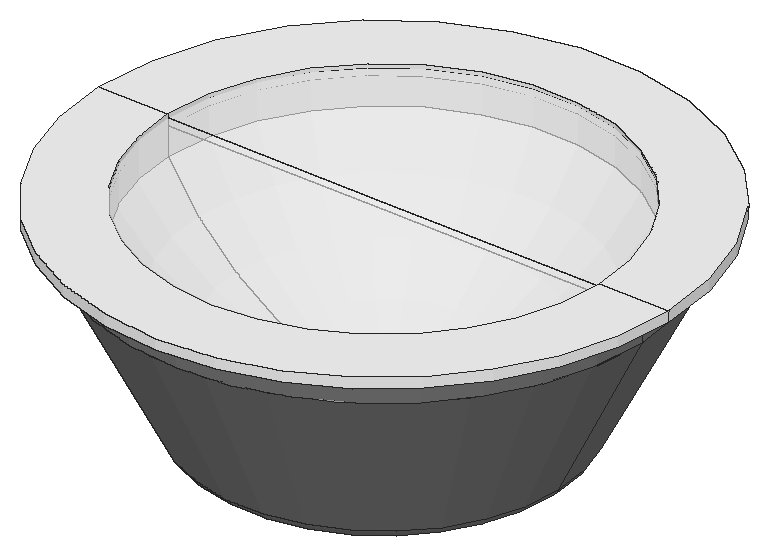
Revit family "30502", category Lighting Fixtures, host Face, Revit 2018
Family settings
  Host = Face
  Round Connector Dimension = Use Diameter
  Part Type = Normal
  OmniClass Number = 23.80.70.00
  OmniClass Title = Lighting
  Cut with Voids When Loaded = No
  Light Source = Yes
  Shared = No
  Room Calculation Point = No
Parameters (values of type "0030502 INSAVER SLIM UGR19 IP44 175 1650LM 830")
  WidthBezel_SYL = if(Size1_SYL, 20 mm, if(Size2_SYL, 20 mm, if(Size3PIR_SYL, 30 mm, if(Size4_SYL, 20 mm, 20 mm))))  # 20 mm
  Weight = "n/a"
  Wattage Comments = ""
  Wattage = 9 W
  WarrantyStartDate [instance] = "n/a"
  WarrantyGuarantorParts = "n/a"
  WarrantyDurationUnit = "n/a"
  WarrantyDurationParts = ""
  WarrantyDescription = "http://www.sylvania-lighting.com"
  built-in parameter 1150110 = 1 (stored number, unit not read)
  Voltage = 230 V
  VisibilityPIR_SYL = Size3PIR_SYL  # no
  URL = "0.9"
  TypeName = "Insaver Slim UGR19 IP44 175 1650lm 830"
  Type Image = <None>
  Type Comments = "n/a"
  built-in parameter 1114217 = 1 (stored number, unit not read)
  Tilt Angle = -90.00°
  built-in parameter 1150109 = 1 (stored number, unit not read)
  built-in parameter 1150134 = (empty or 0)
  built-in parameter 1150113 = 1 (stored number, unit not read)
  Size4_SYL = no
  Size3PIR_SYL = no
  Size2_SYL = no
  Size1_SYL = yes
  SerialNumber [instance] = "n/a"
  RadiusTop_SYL = 6 mm
  RadiusReflector_SYL = if(Size1_SYL, 85 mm, if(Size2_SYL, 85 mm, if(Size3PIR_SYL, 85 mm, if(Size4_SYL, 100 mm, 120 mm))))  # 85 mm
  Photometric Web File = "0030502.IES"
  Material_3_FEILO = Top-Sylvania-STARTDownlight
  PowerFactor = 0.9
  PowerConsumption = "Lighting"
  NominalLength = 165 mm
  NominalHeight = 50 mm
  NominalDepth = 165 mm
  Name = "Insaver Slim UGR19 IP44 175 1650lm 830"
  ModelReference = Name  # "Insaver Slim UGR19 IP44 175 1650lm 830"
  ModelNumber = "0030502"
  Model = Name  # "Insaver Slim UGR19 IP44 175 1650lm 830"
  Material = "Feilo Sylvania"
  ManufacturerName = "127 lm/W"
  Manufacturer = ""
  LuminousEfficacy = ""
  built-in parameter 1150105 = 83.795 (stored number, unit not read)
  Lumens = 1053 lm
  LuminaireType = "0"
  built-in parameter 1150115 = 1 (stored number, unit not read)
  LightOutputRatio = "LED"
  built-in parameter 1150137 = (empty or 0)
  built-in parameter 1150139 = (empty or 0)
  LampsType = Lamp  # "n/a"
  LampNominalLuminous = "3000 K"
  LampMacAdamStep = "80"
  LampColourTemperature = "LED"
  LampColourRenderingIndex = "16500"
  built-in parameter 1150112 = 1 (stored number, unit not read)
  built-in parameter 1150114 = 1 (stored number, unit not read)
  Lamp = "n/a"
  Keynote = "n/a"
  InstallationDate [instance] = "n/a"
  InputVoltage = "0"
  InputNominalFrequency = "3000"
  built-in parameter 1150132 = (empty or 0)
  built-in parameter 1150102 = (empty or 0)
  built-in parameter 1150107 = 3000 (stored number, unit not read)
  built-in parameter 1150138 = (empty or 0)
  IngressProtection = "IfcLightFixtureType"
  ImpactProtectionIndex = "IfcLightFixtureType"
  built-in parameter 1150106 = 0.83795 (stored number, unit not read)
  IfcExportType = "IfcLightFixtureType"
  IfcExportAs = "Class II"
  Height_SYL = if(Size1_SYL, 61 mm, if(Size2_SYL, 61 mm, if(Size3PIR_SYL, 61 mm, if(Size4_SYL, 61 mm, 60 mm))))  # 61 mm
  HeightBezel_SYL = if(Size1_SYL, 3 mm, if(Size2_SYL, 3 mm, if(Size3PIR_SYL, 3 mm, if(Size4_SYL, 3.2 mm, 3 mm))))  # 3 mm
  ExpectedLife = 50000
  Emit from Circle Diameter = Diameter_SYL - 40 mm  # 125 mm
  Emit Shape Visible in Rendering = no
  ElectricShockClassification = "127"
  built-in parameter 1150104 = 10.87 (stored number, unit not read)
  DurationUnit = "hours"
  DocumentationLiterature = "http://www.sylvania-lighting.com/product/en-int/products/0030502"
  DimmingControlOptions = "n/a"
  Material_2_FEILO = Diffuser-Sylvania-STARTDownlight
  Dimming Lamp Color Temperature Shift = <None>
  Diameter_SYL = if(Size1_SYL, 165 mm, if(Size2_SYL, 190 mm, if(Size3PIR_SYL, 211 mm, if(Size4_SYL, 220 mm, 240 mm))))  # 165 mm
  DiameterTop_SYL = if(Size1_SYL, 98 mm, if(Size2_SYL, 122 mm, if(Size3PIR_SYL, 120 mm, if(Size4_SYL, 135 mm, 158 mm))))  # 98 mm
  DiameterTopBase_SYL = DiameterRecess_SYL  # 150 mm
  DiameterRecess_SYL = if(Size1_SYL, 150 mm, if(Size2_SYL, 170 mm, if(Size3PIR_SYL, 186 mm, if(Size4_SYL, 200 mm, 225 mm))))  # 150 mm
  Description = "Insaver Slim is a ceiling recessed LED downlight (IP44 from the front),Die-cast aluminium body, loop in loop out connector for quick installation, Non dimmable LED driver, 13W; 1650lm; 127lm/W; 3000K; UGR <19 with shallow product depth 60mm. Meets TP(a) requirements."
  Default Elevation = 1219.2 mm
  CreatedOn = "05/03/2024"
  CreatedBy = "@sylvania-lighting.com"
  Cost = 0
  Color Filter = 16777215
  built-in parameter 1114216 [instance] = (empty or 0)
  ClassificationValue = "EF_70_80"
  ClassificationName = "Uniclass2015"
  Material_1_FEILO = Trim-Sylvania-STARTDownlight-White
  BarCode [instance] = "n/a"
  built-in parameter 1114218 = 1 (stored number, unit not read)
  built-in parameter 1150133 = 10 (stored number, unit not read)
  AssetType = "Fixed"
  AssetIdentifier [instance] = "n/a"
  Assembly Code = "D5020200"
  Apparent Load = 13 VA
  Material_4_FEILO = LED-Sylvania-STARTDownlight
Reference planes
  plane 1 "Center (Front/Back)": y = 0
  plane 2: z = 0
  plane 3 "Center (Left/Right)": x = 0
  plane 4: x = 82.5
  plane 5: x = -82.5
  plane 6: z = 3
  plane 7: z = -8
  plane 8: z = -58
  plane 9: x = -75
  plane 10: x = 75
  plane 11: x = -49
  plane 12: x = 49
  plane 13: z = -85
  plane 14: x = -62.5
  plane 15: z = 2
  plane 16: z = -46
  plane 17: x = -16
  plane 18: x = -67.5
  plane 19: x = -81.5
  plane 20: x = -99.5
  plane 21: x = -76.5
  plane 22: z = 5.5
  plane 23: z = 8.7
  plane 24: x = -75.5
  plane 25: z = 13.7
Forms (mm)
  Revolve 1, void
    sketch origin (0, 0, 0) x (1, 0, 0) y (0, 0, 1)
      loop
        line (0, 0) -> (-75, 0) -> (-75, -85) -> (0, -85) -> (0, 0)
      axis (0, 0) -> (0, -85)
    angle from 360 to 0
  Revolve 2, solid, material "Trim-Sylvania-STARTDownlight-White" <- "Material_1_FEILO"
    sketch origin (0, 0, 0) x (1, 0, 0) y (0, 0, 1)
      loop
        line (-62.5, 3) -> (-82.5, 3) -> (-82.5, 0) -> (-75, 0) -> (-75, -8) -> (-50.681, -54.768)
        arc (-50.681, -54.768) -> (-48.471, -57.129) -> (-45.357, -58) r 6
        line (-45.357, -58) -> (0, -58) -> (0, -46) -> (-16, -46)
        arc (-16, -46) -> (-42.718, -31.243) -> (-62.5, -8) r 85
        line (-62.5, -8) -> (-62.5, 3)
      axis (0, 3) -> (0, -58)
    angle from 360 to 0
  Revolve 3, solid, material "Diffuser-Sylvania-STARTDownlight" <- "Material_2_FEILO"
    sketch origin (0, 0, 0) x (1, 0, 0) y (0, 0, 1)
      loop
        line (-62.5, 0) -> (0, 0) -> (0, 2) -> (-62.5, 2) -> (-62.5, 0)
      axis (0, 2) -> (0, 0)
    angle from 360 to 0
  Revolve 4, solid, material "Trim-Sylvania-STARTDownlight-White" <- "Material_1_FEILO", visible <- "VisibilityPIR_SYL"
    sketch origin (0, 0, 0) x (1, 0, 0) y (0, 0, 1)
      loop
        line (-67.5, 3) -> (-67.5, 13.7)
        arc (-67.5, 13.7) -> (-72.217, 12.347) -> (-75.5, 8.7) r 8.9
        line (-75.5, 8.7) -> (-75.5, 5.5) -> (-76.5, 5.5) -> (-76.5, 3) -> (-67.5, 3)
      axis (-67.5, 13.7) -> (-67.5, 3)
    angle from 360 to 0
Dimensions and locks
  equal spacing: plane 4, plane 3 "Center (Left/Right)", plane 5
  "Diameter_SYL": plane 4 to plane 5
  equal spacing: plane 10, plane 3 "Center (Left/Right)", plane 9
  equal spacing: plane 12, plane 3 "Center (Left/Right)", plane 11
  "DiameterTop_SYL": plane 12 to plane 11
  "HeightBezel_SYL": plane 6 to plane 2
  "Height_SYL": plane 6 to plane 8
  locked: plane 2 to plane 7 at 8
  locked: plane 2 to plane 13 at 85
  "WidthBezel_SYL": plane 14 to plane 5
  locked: plane 6 to plane 15 at 1
  "DiameterRecess_SYL": plane 10 to plane 9
  locked: plane 3 "Center (Left/Right)" to plane 17 at 16
  locked: plane 16 to plane 8 at 12
  locked: plane 18 to plane 21 at 9
  locked: plane 22 to plane 6 at 2.5
  locked: plane 23 to plane 22 at 3.2
  locked: plane 18 to plane 24 at 8
  locked: plane 25 to plane 23 at 5
  locked: plane 25 to Revolve 4 sketch curve at 8.9
  locked: plane 18 to plane 5 at 15
  "RadiusReflector_SYL": radius of Revolve 2 sketch curve
  "RadiusTop_SYL": radius of Revolve 2 sketch curve
  aligned and locked: plane 2 to host face
  aligned and locked: level to host face
  aligned and locked: Revolve 1 sketch curve to plane 3 "Center (Left/Right)"
  aligned and locked: plane 3 "Center (Left/Right)" to Revolve 1 sketch curve
  aligned and locked: Revolve 1 sketch curve to plane 9
  aligned and locked: plane 13 to Revolve 1 sketch curve
  aligned and locked: plane 3 "Center (Left/Right)" to imposter light
  aligned and locked: imposter light to plane 15
  aligned and locked: imposter light to plane 1 "Center (Front/Back)"
  aligned and locked: Revolve 2 sketch curve to plane 3 "Center (Left/Right)"
  aligned and locked: Revolve 2 sketch curve to plane 6
  aligned and locked: Revolve 2 sketch curve to plane 5
  aligned and locked: Revolve 2 sketch curve to level
  aligned and locked: plane 7 to Revolve 2 sketch curve  (x2)
  aligned and locked: Revolve 2 sketch curve to plane 9
  aligned and locked: plane 8 to Revolve 2 sketch curve
  aligned and locked: Revolve 2 sketch curve to plane 14
  aligned and locked: plane 3 "Center (Left/Right)" to Revolve 2 sketch curve
  aligned and locked: Revolve 2 sketch curve to plane 16
  aligned and locked: Revolve 3 sketch curve to plane 3 "Center (Left/Right)"
  aligned and locked: Revolve 3 sketch curve to level
  aligned and locked: imposter light to Revolve 3 sketch curve  (x2)
  aligned and locked: Revolve 4 sketch curve to plane 18  (x2)
  aligned and locked: Revolve 4 sketch curve to plane 6
  aligned and locked: plane 22 to Revolve 4 sketch curve
  aligned and locked: plane 24 to Revolve 4 sketch curve
  aligned and locked: Revolve 4 sketch curve to Revolve 4 sketch curve
  aligned and locked: plane 21 to Revolve 4 sketch curve
Automatic sketch dimensions
  host sketch curve to host sketch curve = 2438.4 mm  (x2)
  plane 13 to Revolve 1 sketch curve = 524.6 mm
  Revolve 1 sketch curve to plane 6 = 2606.058 mm
  Revolve 1 sketch curve to level = 0 mm
  Revolve 2 sketch curve to plane 17 = 0 mm
  Revolve 2 sketch curve to plane 11 = 1.681 mm
  plane 11 to Revolve 2 sketch curve = 3.643 mm
  plane 13 to Revolve 2 sketch curve = 524.6 mm
  Revolve 2 sketch curve to Revolve 2 sketch curve = 2577.983 mm
  Revolve 3 sketch curve to plane 14 = 0 mm
  plane 13 to Revolve 3 sketch curve = 524.6 mm
  Revolve 3 sketch curve to plane 6 = 2606.058 mm
  Revolve 4 sketch curve to plane 23 = 0 mm
  plane 13 to Revolve 4 sketch curve = 524.6 mm
  Revolve 4 sketch curve to Revolve 4 sketch curve = 2595.358 mm
Connectors
  electrical at (0, 0, 0), driven by "Apparent Load", driven by "PowerFactor", driven by "Voltage"
    settings: index 1, voltage 230 V, apparent load 13 VA, apparent load phase1 0 VA, apparent load phase2 0 VA, apparent load phase3 0 VA, power factor 0.9, load classification "Lighting", number of poles 1, system type 30, power factor state 1, is connector primary yes, connector utility no, sub classification motor no, connector description ""
